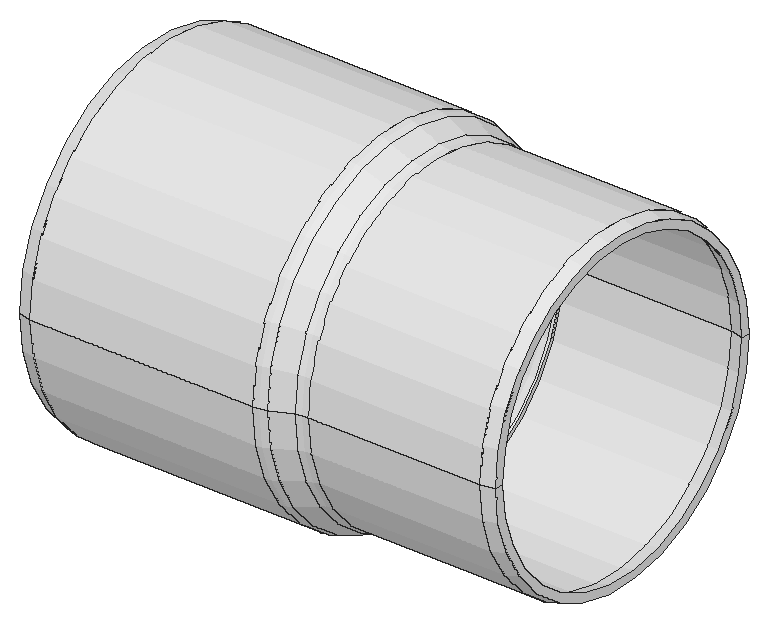
Revit family "Adaptador_Pre100_Col100", category Pipe Fittings, Revit 2025
Family settings
  Round Connector Dimension = Use Radius
  Part Type = Union
  Work Plane-Based = No
  Always vertical = Yes
  Cut with Voids When Loaded = No
  Shared = No
Parameters (values of type "Standard")
  built-in parameter 1114242 [instance] = (empty or 0)
  URL = "http://www.tigre.com.br"
  Type Comments = ""
  Tigre: Sistema = "Esgoto"  # constant formula
  Tigre: Norma = ""
  Tigre: Material = "PVC Branco"  # constant formula
  Tigre: Marcador = "00"
  Tigre: Link do Produto = "http://www.tigre.com.br/pt/produtos_unico.php?rcr_id=4&cpr_id=10&cpr_id_pai=4&lnh_id=9&prd_id=698"
  Tigre: Linha = "Série Normal"  # constant formula
  Tigre: Fabricante = "© Tigre S/A"  # constant formula
  Tigre: Descrição [instance] = "Adap. Pon. Esg. Predial DN100 x Pon. Col. DN100, Esgoto Série Normal - TIGRE"  # constant formula
  Tigre: Código com Separador = "100.02.108.1"
  Tigre: Código [instance] = 100021081  # constant formula
  Tigre: Comentários [instance] = ""
  Representação Unifilar 2 [instance] = Diâmetro Nominal 2 * 0.2  # 20 mm
  Representação Unifilar 1 [instance] = Diâmetro Nominal 1 * 0.2  # 20.00 mm
  Raio Nominal Máximo [instance] = if(Diâmetro Nominal 1 > Diâmetro Nominal 2, Raio Nominal 1, Raio Nominal 2)  # 50 mm
  Raio Nominal 2 [instance] = Diâmetro Nominal 2 / 2  # 50 mm
  Raio Nominal 1 [instance] = Diâmetro Nominal 1 / 2  # 50 mm
  Model = ""
  Manufacturer = Tigre: Fabricante  # "© Tigre S/A"
  Loss Method = Not Defined
  K Coefficient Table = "Reducer/Coupling/Union/Increaser"
  Description = "Bucha de Redução Longa, Esgoto Série Normal - TIGRE"
  Default Elevation = 0.00 mm
  Acabamento [instance] = PVC
  Diâmetro Nominal 2 [instance] = 100 mm
  Diâmetro Nominal 1 [instance] = 100 mm
Reference planes
  plane 1 "Center (Front/Back)": y = 0
  plane 2: z = 0
  plane 3 "Center (Left/Right)": x = 0
Forms (mm)
  Revolve 1, solid, material "PVC" <- "Acabamento", detail levels fine
    sketch origin (0, 0, 0) x (1, 0, 0) y (0, 1, 0)
      loop
        line (-74.185, 53.948) -> (-74.185, 51.36) -> (-69.856, 52.52) -> (-0.014, 52.52)
        arc (-0.014, 52.52) -> (1.481, 52.371) -> (2.917, 51.93) r 7.569
        line (2.917, 51.93) -> (9.26, 49.266)
        arc (9.26, 49.266) -> (11.559, 48.559) -> (13.953, 48.32) r 12.12
        line (13.953, 48.32) -> (67.686, 48.32) -> (72.015, 47.16) -> (72.015, 49.748) -> (68.015, 50.82) -> (13.953, 50.82)
        arc (13.953, 50.82) -> (12.053, 51.009) -> (10.228, 51.571) r 9.62
        line (10.228, 51.571) -> (3.885, 54.235)
        arc (3.885, 54.235) -> (1.975, 54.822) -> (-0.014, 55.02) r 10.069
        line (-0.014, 55.02) -> (-70.185, 55.02) -> (-74.185, 53.948)
      axis (-74.185, 0) -> (72.015, 0)
    angle from 0 to 360
  Revolve 2, solid, material "PVC" <- "Acabamento", detail levels fine
    sketch origin (0, 0, 0) x (1, 0, 0) y (0, 1, 0)
      loop
        line (0, 52.52) -> (-0.8, 52.52) -> (-0.8, 51.72) -> (0, 51.72) -> (0, 52.52)
      axis (-0.8, 0) -> (0.2, 0)
    angle from 0 to 360
  Revolve 3, solid, material "PVC" <- "Acabamento", detail levels fine
    sketch origin (0, 0, 0) x (1, 0, 0) y (0, 1, 0)
      loop
        line (14.83, 48.32) -> (14.03, 48.32) -> (14.03, 47.52) -> (14.83, 47.52) -> (14.83, 48.32)
      axis (14.03, 0) -> (15.03, 0)
    angle from 0 to 360
Lines and regions (mm)
  model lines, style "Esgoto Série Normal - TIGRE", detail levels coarse+medium
    curve 1: line (-74.185, 12.536, 0) -> (-74.185, -9.464, 0)
    curve 2: line (-74.185, 12.536, 0) -> (72.015, 0, 0)
    curve 3: line (72.015, 10, 0) -> (72.015, -10, 0)
    curve 6: line (-74.185, -9.464, 0) -> (72.015, 0, 0)
  model lines, detail levels fine
    curve 4: circle (0, 0, 0) r 55.1 normal (1, 0, 0)
    curve 5: circle (14.03, 0, 0) r 51 normal (1, 0, 0)
    curve 7: circle (-74.185, 0, 0) r 54 normal (1, 0, 0)
    curve 8: circle (72.015, 0, 0) r 49.7 normal (1, 0, 0)
Connectors
  piping at (14.83, 0, 0), diameter 100, driven by "Raio Nominal 2"
    settings: on Revolve 3, index 1, connector inside diameter 609.6 mm, connector length 0.00 mm, flow factor 0, pipe flow 0.0 L/s, pressure drop 0.0 Pa, fitting loss kfactor 0, connector angle 0.00°, fixture units 0, engagement length 0.00 mm, angle of deflection 0.00°, flow configuration 0, flow direction 0, fitting loss method 0, system type 28, joint type 0, gender type 0, connector reference index 2, connector utility 0, adjustable connector no, is connector primary no, connector description ""
  piping at (-0.8, 0, 0), diameter 100, driven by "Raio Nominal 1"
    settings: on Revolve 2, index 2, connector inside diameter 609.6 mm, connector length 0.00 mm, flow factor 0, pipe flow 0.0 L/s, pressure drop 0.0 Pa, fitting loss kfactor 0, connector angle 0.00°, fixture units 0, engagement length 0.00 mm, angle of deflection 0.00°, flow configuration 0, flow direction 0, fitting loss method 0, system type 28, joint type 0, gender type 0, connector reference index 1, connector utility 0, adjustable connector no, is connector primary yes, connector description ""
